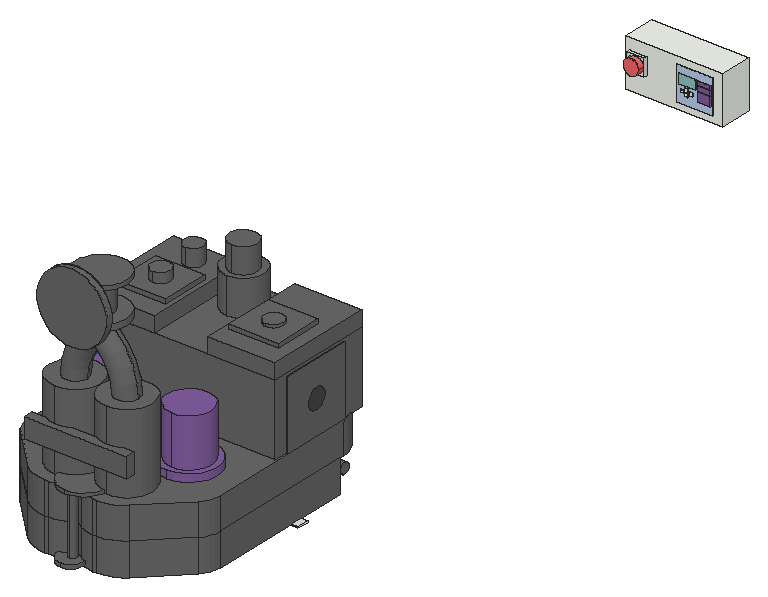
Revit family "11062", category Generic Models, Revit 2021
Family settings
  Can host rebar = No
  Round Connector Dimension = Use Diameter
  Part Type = Normal
  Work Plane-Based = No
  Always vertical = Yes
  Cut with Voids When Loaded = No
  Shared = Yes
  Room Calculation Point = No
Parameters (values of type "11062")
  SUPPLIER = "KESSEL"
  SA700ID49 = "Protection Class I"
  SA700ID48 = "no"
  SA700ID47 = "no"
  SA700ID46 = "yes"
  SA700ID37 = 20000 mm
  SA700ID34 = 55
  SA700ID33 = 4.2 W
  SA700ID32 = 188.86 kg
  SA700ID31 = 1
  SA700ID30 = 2
  SA700ID29 = "GLRD"
  SA700ID21 = 2000
  SA700ID10 = "yes"
  SA700ID08 = 400 V
  PROCUREWEBLINK = "https://p.caden.as/kessel/11062"
  PROCURELINK = "p.caden.as/kessel/11062"
  PROCUREDATALASTUPDATE = "2024-05-22T12:18:04.979045884+01:00"
  PREVIEW = "../../bilder/ksb_w_11062.png"
  PRC_SPECIFICATIONLINK = "https://ausschreiben.de/catalog/kessel/catalogItem/ba4ac736-d249-4e5a-b449-2fc1e26a9d5d"
  NN = "Lifting station Aqualift F XL"
  NBSYN = "$SA810ID03."
  NB = "11062"
  Model = "11062"
  Manufacturer = "KESSEL"
  MIdent = "{$CADENAS_DATA/23d-libs/kessel/kessel_vdi_import/4/entwaesserung/hebeanlage20aqualift20f20xl.prj},201 {STYP=ASS},{VTYP=3D},{NB=11062},{LINA=11062},{NN=Lifting station Aqualift F XL},{DATE=21.11.2022 10:48:11},{GEOMDATE=21.11.2022 10:48:11},{VERSION=},{LINEID=380},{WBVAR=LODLEVEL},{WBNUMERIC=LODLEVEL}  {NB=11062},{LINA=11062},{KT=DUMMY},{PREVIEW=../../bilder/ksb_w_11062.png},{SA700ID04=Hebeanlage Aqualift F XL 200 l, Duo, SPF 4500-S3, Gussschieber},{SA810ID06=04026092057292},{SA700ID34=55.00},{SA010ID03=201805},{SA810ID03=11062},{SA810ID10=Aqualift F XL 4500W-S3 Duo 200L m.S.G.KESSEL Aqualift F XL Hebeanlage für fäkalienhaltiges und fäkalienfreiesAbwasser. Zur Aufstellung in frostgeschützten Räumen.Duoanlage mit zwei Pumpen des Typs SPF 4500-S3 Sammelbehälter ausPolyethylen, mit verschraubter Reinigungsöffnung,Anschlussstutzen für Zulauf von oben DN100/150.Inklusive Tauchrohr zur pneumatischen Niveauerfassung,Entlüftungsanschluss DN 70 und Anschluss für eine Handmembranpumpe DN32.Behälter inklusive Haltewinkel zur Auftriebssicherung.Behältervolumen 200 Liter, max. Nutzvolumen bei Zulauf von oben ca. 120Liter.Zwei seitliche und zwei rückseitige Anbohrflächen zur Montage weitererZuläufe bis DN 200 unter Verwendung von Durchgangsdichtungen.Inklusive KESSEL Schaltgerät Aqualift Comfort 400 V.Anwenderfreundliche Menüführung im mehrzeiligem Display. MitSelbstdiagnosesystem (SDS) und Erinnerungsfunktion für nächste Wartung.Anzeige der aktuellen Messwerte. Einfache Einstellung derfunktionsrelevanten Parameter, inklusive Betriebsstundenzähler undpotentialfreiem Kontakt. Optionale Weiterleitung von Alarm- undSammelstörmeldung über GSM Schnittstelle.Schaltgerät mit Volltextanzeige in sechs Sprachen.Abwasserpumpe(n) mit Freistromrad zur Förderung von fäkalienfreiem undfäkalienhaltigem Abwasser gemäß DIN EN 12050-1. Freier Kugeldurchgangmindestens 40 mm. Pumpe(n) überflutungssicher. InklusiveRückflussverhinderer, mit Druckabgang aus Grauguss DN 80.nach DIN 2501.Inklusive einem Absperrschieber.Pumpe(n) Typ SPF 4500-S3Fördermenge: max. 56 m³/hFörderhöhe: max. 20 mNennleistung (P2): 3,7 KW je PumpeAufnahmeleistung (P1): 4,5 KW je PumpeBetriebsspannung: 400 V DSNennfrequenz: 50 HzNennstrom: 7,4 AAbsicherung: 3 x C 25 ASchutzart (Pumpe): IP68 3mWS/48hSchutzart (Schaltgerät): IP 65Bertiebsart: S3 (50 % Einschaltdauer)Kabellänge: 5 mAußenmaße Anlage mit 200 Liter Behälter (BxTxH): 760 x 980 x 770 mmGewicht ca. 188,86 kg},{SA700ID37=20.00},{SA700ID33=4.20},{SA700ID08=400},{SA700ID30=2},{SA700ID32=188.86},{SA700ID49=Schutzklasse I},{SA700ID50=intern},{SA200ID03=6},{SA250ID03=vertikal},{SA260ID03=Trockenläuferpumpe},{SA350ID03=normalansaugend},{SA400ID03=E-Motor für Drehstrom},{SA460ID03=direkt},{SA500ID03=Kunststoff, Edelstahl},{SA700ID06=80},{SA700ID07=100},{SA700ID09=3/N/PE 400V},{SA700ID10=Ja},{SA700ID11=50},{SA700ID12=IP 68},{SA700ID13=F},{SA700ID15=40},{SA700ID21=2000.00},{SA700ID22=3.50},{SA700ID23=2850},{SA700ID24=2850},{SA700ID26=7.50},{SA700ID27=56.00},{SA700ID28=durchgehend},{SA700ID29=GLRD},{SA700ID31=1},{SA700ID46=ja},{SA700ID47=nein},{SA700ID48=nein},{SA110ID04=Hebeanlage Aqualift F XL},{SA300ID03=einstufig},{SA700ID44=10.00},{SA700ID45=10.00},{SA010ID04=KESSEL AG},{LODLEVEL=200},{LINK=https://www.kessel.de/info?han=11062},{SA970ID01=970},{SA970ID02=7134},{SA970ID03=11062},{SA970ID04=11002617},{SA970ID05=QUAD},{SA970ID06=-410.01},{SA970ID07=-899.99},{SA970ID08=0},{SA970ID09=1},{SA970ID10=0},{SA970ID11=0},{SA970ID12=0},{SA970ID13=1},{SA970ID14=0},{SA970ID15=820.02},{SA970ID16=1030},{SA970ID17=1033.74},{LODLEVEL_=200,'Low'},{LODLEVEL_DEU=200,'Low'},{LINK_=https://www.kessel.de/info?han=11062},{LINK_DEU=https://www.kessel.de/info?han=11062},{LODLEVEL_3DB=11062_200},{DNIN1=100},{DNIN2=70},{DNIN4=10},{DNIN5=10},{DNIN6=50},{DNIN7=50},{DNIN8=50},{DNIN9=50},{DNOUT1=32},{DNOUT2=100},{DNOUT3=70},{ISD1=96},{ISD2=10},{ISDOUT1=40},{ISDOUT2=60},{ISDOUT3=65},{SA010ID01=010},{SA010ID02=4},{SA010ID06=www.kessel.de},{SA010ID07=www.kessel.de},{SA010ID12=20180713},{SA010ID13=DEU},{SA010ID14=DE},{SA100ID01=100},{SA100ID02=4},{SA100ID04=Entwässerung},{SA110ID01=110},{SA110ID02=6},{SA200ID01=200},{SA200ID02=6},{SA250ID01=250},{SA250ID02=2},{SA260ID01=260},{SA260ID02=2},{SA300ID01=300},{SA300ID02=1},{SA350ID01=350},{SA350ID02=1},{SA400ID01=400},{SA400ID02=2},{SA460ID01=460},{SA460ID02=1},{SA500ID01=500},{SA500ID02=1},{SA700ID01=700},{SA700ID02=60},{SA700ID10_=1},{SA700ID16=0},{SA700ID25=0},{SA700ID46_=1},{SA700ID47_=0},{SA700ID48_=0},{SA700ID49_=1},{SA700ID50_=2},{SA800ID01=800},{SA800ID02=24},{SA810ID01=810},{SA810ID02=60},{SA810ID04=11062},{SA810ID07=60},{SA810ID09=1},{SA810ID14=PCE},{SA810ID15=1},{SA810ID16=NMP},{SA960ID03=60},{SA960ID04=3L},{SA960ID08=https://www.kessel.de/info?han=11062},{SA010ID08=4026092000007},{SA100ID05=Hebeanlage},{SA110ID06=Hebeanlage}"
  LINK = "https://www.kessel.de/info?han=11062"
  LINA = "11062"
  Default Elevation = 0 mm
  CREATOR = "CADENAS GmbH"
  CATALOG = "KESSEL"
  BOMINFO = "LINA"
  ARTICLENO = "NB"
  4.810.00.9 Order quantity (multiplicator) = "1"
  4.810.00.7 Media- connection number = "60"
  4.810.00.6 GTIN number = "04026092057292"
  4.810.00.4 DATANORM number = "11062"
  4.810.00.3 Producer order number = "11062"
  4.710.03.7 Mass (net) = 188.86 kg
  4.710.03.6 Height = 1027 mm
  4.710.03.5 Width = 760 mm
  4.710.03.4 Length = 1109 mm
  4.710.03.3 Type of dimensions = "2"
  4.710.02.8 Area of application of wastewater pump = "1"
  4.710.02.7 Art des S2/S3-Betriebs = "50 %"
  4.710.02.6 Duty type = "S3"
  4.710.02.5 Cutting device = "0"
  4.710.02.4 Attached pump control = "1"
  4.710.02.3 Free passage = 40 mm
  4.710.01.6 Option to connect to building automation = "40"
  4.710.01.5 Load regulation = "0"
  4.710.01.4 Designation of closed-loop control = "120"
  4.710.01.3 Identifier for closed-loop control = "200"
  4.700.00.9 Voltage = 0
  4.700.00.8 Nominal connection size on suction side = "100"
  4.700.00.7 Nominal connection size on pressure side = "100"
  4.700.00.6 Type of connection = "80"
  4.700.00.4 Product indentification = "Hebeanlage Aqualift F XL 200 l, Duo, SPF 4500-S3, Gussschieber"
  4.700.00.28 Motor pump shaft = "durchgehend"
  4.700.00.27 Starting current = 56
  4.700.00.26 Maximum power consumption per pump / drive = 7.5
  4.700.00.25 Minimum speed at internal speed adjustment = 0
  4.700.00.24 Nominal speed / maximum speed n = 47.5
  4.700.00.23 Nominal speed of motor = 47.5
  4.700.00.22 Maximum shaft output (P2) per pump/drive = 3.5 W
  4.700.00.16 Maximum temperature of pumped medium = 0 °C
  4.700.00.15 Increased safety class = "40 °C"
  4.700.00.13 Type of protection = "F"
  4.700.00.12 Frequency = 0
  4.700.00.11 Stern-/Dreieck-Anlaufschaltung bei Dreiphasenanschluss oder Drehstrom = "50 Hz"
  4.700.00.10 Phase = "1"
  4.500.00.3 Variant / Variant type / Accessories-name = "Kunststoff, Edelstahl"
  4.460.00.3 Variant / Variant type / Accessories-name = "direkt"
  4.400.00.3 Variant / Variant type / Accessories-name = "E-Motor für Drehstrom"
  4.350.00.3 Variant / Variant type / Accessories-name = "normalansaugend"
  4.300.00.3 Variant / Variant type / Accessories-name = "einstufig"
  4.260.00.3 Variant / Variant type / Accessories-name = "Trockenläuferpumpe"
  4.250.00.3 Variant / Variant type / Accessories-name = "vertikal"
  4.200.00.3 Variant / Variant type / Accessories-name = "6"
  4.110.00.6 Product classification = "Hebeanlage"
  4.110.00.4 Product indentification = "Hebeanlage Aqualift F XL"
  4.100.00.5 Main groups of wares = "Hebeanlage"
  4.100.00.4 Product indentification = "Entwässerung"
  4.010.00.8 Producer ID number = "4026092000007"
  4.010.00.7 Comment = "www.kessel.de"
  4.010.00.6 Web address of the manufacturer = "www.kessel.de"
  4.010.00.4 Manufacturer name = "KESSEL AG"
  4.010.00.3 Date of issuance (month) of guideline = "201805"
  4.010.00.2 Sheet number of the guideline = "4"
  4.010.00.14 Kennungen der Projektländer, für die die Datei gültig ist = "DE"
  4.010.00.13 Sprache der Datei = "DEU"
  4.010.00.12 Stand des Herstellerkatalogs = "20180713"
Reference planes
  plane 1 "Center (Front/Back)": y = 0
  plane 2: z = 0
  plane 3 "Center (Left/Right)": x = 0
Forms (mm)
  Extrusion 1, void
    sketch origin (380.5, -115, 392) x (0, -1, 0) y (0, 0, 1)
      loop
        line (-0.5, -0.5) -> (0.5, -0.5) -> (0.5, 0.5) -> (-0.5, 0.5) -> (-0.5, -0.5)
    from 0 to 1
  Extrusion 2, void
    sketch origin (160.15, 130.5, 392) x (1, 0, 0) y (0, 0, 1)
      loop
        line (-0.5, -0.5) -> (0.5, -0.5) -> (0.5, 0.5) -> (-0.5, 0.5) -> (-0.5, -0.5)
    from 0 to 1
  Extrusion 3, void
    sketch origin (-161, 130.5, 392) x (1, 0, 0) y (0, 0, 1)
      loop
        line (-0.5, -0.5) -> (0.5, -0.5) -> (0.5, 0.5) -> (-0.5, 0.5) -> (-0.5, -0.5)
    from 0 to 1
  Extrusion 4, void
    sketch origin (-380.5, -115, 392) x (0, 1, 0) y (0, 0, 1)
      loop
        line (-0.5, -0.5) -> (0.5, -0.5) -> (0.5, 0.5) -> (-0.5, 0.5) -> (-0.5, -0.5)
    from 0 to 1
Dimensions and locks
  locked: plane 2 to Extrusion 1 at 392.5
  locked: plane 2 to Extrusion 1 at 391.5
  locked: plane 2 to Extrusion 2 at 392.5
  locked: plane 2 to Extrusion 2 at 391.5
  locked: plane 2 to Extrusion 3 at 392.5
  locked: plane 2 to Extrusion 3 at 391.5
  locked: plane 2 to Extrusion 4 at 392.5
  locked: plane 2 to Extrusion 4 at 391.5
  aligned and locked: level to plane 2
Nested families
  nested 1: "11062_content" at (0, 0, 0), type "11062_Content"
  nested 2: "11062_part1_X0Y0" at (1000, 1000, 1200), type "11062_PART1_X0Y0"
  nested 3: "11062_part2_X0Y0" at (0, 0, 0), type "11062_PART2_X0Y0"
Connectors
  electrical at (861, 933, 1201.5)
    settings: on nested 2, index 1, voltage 0 V, apparent load 0 VA, apparent load phase1 0 VA, apparent load phase2 0 VA, apparent load phase3 0 VA, power factor 1, load classification "Other", number of poles 1, system type 31, power factor state 1, is connector primary yes, connector utility no, sub classification motor no, connector description ""
  piping at (0, 0, 771), diameter 100
    settings: on nested 3, index 2, connector inside diameter 609.6 mm, connector length 0 mm, flow factor 0, pipe flow 0.0 L/s, pressure drop 0.0 Pa, fitting loss kfactor 0, connector angle 0.00°, fixture units 0, engagement length 0 mm, angle of deflection 0.00°, flow configuration 0, flow direction 1, fitting loss method 2, system type 8, joint type 0, gender type 0, connector reference index -1, connector utility 0, adjustable connector no, is connector primary yes, connector description ""
  piping at (380.5, -115, 392), diameter 70
    settings: on Extrusion 1, index 3, connector inside diameter 609.6 mm, connector length 0 mm, flow factor 0, pipe flow 0.0 L/s, pressure drop 0.0 Pa, fitting loss kfactor 0, connector angle 0.00°, fixture units 0, engagement length 0 mm, angle of deflection 0.00°, flow configuration 0, flow direction 0, fitting loss method 2, system type 8, joint type 0, gender type 0, connector reference index -1, connector utility 0, adjustable connector no, is connector primary no, connector description ""
  piping at (160.15, 130.5, 392), diameter 70
    settings: on Extrusion 2, index 4, connector inside diameter 609.6 mm, connector length 0 mm, flow factor 0, pipe flow 0.0 L/s, pressure drop 0.0 Pa, fitting loss kfactor 0, connector angle 0.00°, fixture units 0, engagement length 0 mm, angle of deflection 0.00°, flow configuration 0, flow direction 0, fitting loss method 2, system type 8, joint type 0, gender type 0, connector reference index -1, connector utility 0, adjustable connector no, is connector primary no, connector description ""
  piping at (-161, 130.5, 392), diameter 70
    settings: on Extrusion 3, index 5, connector inside diameter 609.6 mm, connector length 0 mm, flow factor 0, pipe flow 0.0 L/s, pressure drop 0.0 Pa, fitting loss kfactor 0, connector angle 0.00°, fixture units 0, engagement length 0 mm, angle of deflection 0.00°, flow configuration 0, flow direction 0, fitting loss method 2, system type 8, joint type 0, gender type 0, connector reference index -1, connector utility 0, adjustable connector no, is connector primary no, connector description ""
  piping at (-380.5, -115, 392), diameter 70
    settings: on Extrusion 4, index 6, connector inside diameter 609.6 mm, connector length 0 mm, flow factor 0, pipe flow 0.0 L/s, pressure drop 0.0 Pa, fitting loss kfactor 0, connector angle 0.00°, fixture units 0, engagement length 0 mm, angle of deflection 0.00°, flow configuration 0, flow direction 0, fitting loss method 2, system type 8, joint type 0, gender type 0, connector reference index -1, connector utility 0, adjustable connector no, is connector primary no, connector description ""
  piping at (0, -700, 966), diameter 100
    settings: on nested 3, index 7, connector inside diameter 609.6 mm, connector length 0 mm, flow factor 0, pipe flow 0.0 L/s, pressure drop 0.0 Pa, fitting loss kfactor 0, connector angle 0.00°, fixture units 0, engagement length 0 mm, angle of deflection 0.00°, flow configuration 0, flow direction 2, fitting loss method 2, system type 7, joint type 0, gender type 0, connector reference index -1, connector utility 0, adjustable connector no, is connector primary no, connector description ""
  piping at (-225, 36, 661), diameter 70
    settings: on nested 3, index 8, connector inside diameter 609.6 mm, connector length 0 mm, flow factor 0, pipe flow 0.0 L/s, pressure drop 0.0 Pa, fitting loss kfactor 0, connector angle 0.00°, fixture units 0, engagement length 0 mm, angle of deflection 0.00°, flow configuration 0, flow direction 2, fitting loss method 2, system type 7, joint type 0, gender type 0, connector reference index -1, connector utility 0, adjustable connector no, is connector primary no, connector description ""
  piping at (354.5, 56, 60), diameter 32
    settings: on nested 3, index 9, connector inside diameter 609.6 mm, connector length 0 mm, flow factor 0, pipe flow 0.0 L/s, pressure drop 0.0 Pa, fitting loss kfactor 0, connector angle 0.00°, fixture units 0, engagement length 0 mm, angle of deflection 0.00°, flow configuration 0, flow direction 2, fitting loss method 2, system type 7, joint type 0, gender type 0, connector reference index -1, connector utility 0, adjustable connector no, is connector primary no, connector description ""
  electrical at (185, -497, 477)
    settings: on nested 3, index 10, voltage 0 V, apparent load 0 VA, apparent load phase1 0 VA, apparent load phase2 0 VA, apparent load phase3 0 VA, power factor 1, load classification "Other", number of poles 1, system type 31, power factor state 1, is connector primary no, connector utility no, sub classification motor no, connector description ""
  electrical at (-185, -496.75, 477)
    settings: on nested 3, index 11, voltage 0 V, apparent load 0 VA, apparent load phase1 0 VA, apparent load phase2 0 VA, apparent load phase3 0 VA, power factor 1, load classification "Other", number of poles 1, system type 31, power factor state 1, is connector primary no, connector utility no, sub classification motor no, connector description ""
  electrical at (-222.5, -129, 650)
    settings: on nested 3, index 12, voltage 0 V, apparent load 0 VA, apparent load phase1 0 VA, apparent load phase2 0 VA, apparent load phase3 0 VA, power factor 1, load classification "Other", number of poles 1, system type 31, power factor state 1, is connector primary no, connector utility no, sub classification motor no, connector description ""
Definition of nested family "11062_part1_X0Y0"
  Parameters (values of type "11062_PART1_X0Y0")
    SUPPLIER = "KESSEL"
    SA700ID49 = "Protection Class I"
    SA700ID48 = "no"
    SA700ID47 = "no"
    SA700ID46 = "yes"
    SA700ID37 = 20000 mm
    SA700ID34 = 55
    SA700ID33 = 4.2 W
    SA700ID32 = 188.86 kg
    SA700ID31 = 1
    SA700ID30 = 2
    SA700ID29 = "GLRD"
    SA700ID21 = 2000
    SA700ID10 = "yes"
    SA700ID08 = 400 V
    PREVIEW = "../../bilder/ksb_w_11062.png"
    NBSYN = "$SA810ID03._PART1"
    NB = "11062_PART1"
    Model = "11062_PART1"
    Manufacturer = "KESSEL"
    MIdent = "{$CADENAS_DATA/23d-libs/kessel/kessel_vdi_import/4/entwaesserung/hebeanlage20aqualift20f20xl.prj},221 {VTYP=3D},{NB=11062_PART1},{LINA=11062_PART1},{NN=Lifting station Aqualift F XL_PART1},{NOPRJ=TRUE},{DATE=21.11.2022 10:48:11},{GEOMDATE=21.11.2022 10:48:11},{VERSION=},{LINEID=380},{WBVAR=LODLEVEL},{WBNUMERIC=LODLEVEL}  {NB=11062_PART1},{LINA=11062_PART1},{KT=DUMMY},{PREVIEW=../../bilder/ksb_w_11062.png},{SA700ID04=Hebeanlage Aqualift F XL 200 l, Duo, SPF 4500-S3, Gussschieber},{SA810ID06=04026092057292},{SA700ID34=55.00},{SA010ID03=201805},{SA810ID03=11062},{SA810ID10=Aqualift F XL 4500W-S3 Duo 200L m.S.G.KESSEL Aqualift F XL Hebeanlage für fäkalienhaltiges und fäkalienfreiesAbwasser. Zur Aufstellung in frostgeschützten Räumen.Duoanlage mit zwei Pumpen des Typs SPF 4500-S3 Sammelbehälter ausPolyethylen, mit verschraubter Reinigungsöffnung,Anschlussstutzen für Zulauf von oben DN100/150.Inklusive Tauchrohr zur pneumatischen Niveauerfassung,Entlüftungsanschluss DN 70 und Anschluss für eine Handmembranpumpe DN32.Behälter inklusive Haltewinkel zur Auftriebssicherung.Behältervolumen 200 Liter, max. Nutzvolumen bei Zulauf von oben ca. 120Liter.Zwei seitliche und zwei rückseitige Anbohrflächen zur Montage weitererZuläufe bis DN 200 unter Verwendung von Durchgangsdichtungen.Inklusive KESSEL Schaltgerät Aqualift Comfort 400 V.Anwenderfreundliche Menüführung im mehrzeiligem Display. MitSelbstdiagnosesystem (SDS) und Erinnerungsfunktion für nächste Wartung.Anzeige der aktuellen Messwerte. Einfache Einstellung derfunktionsrelevanten Parameter, inklusive Betriebsstundenzähler undpotentialfreiem Kontakt. Optionale Weiterleitung von Alarm- undSammelstörmeldung über GSM Schnittstelle.Schaltgerät mit Volltextanzeige in sechs Sprachen.Abwasserpumpe(n) mit Freistromrad zur Förderung von fäkalienfreiem undfäkalienhaltigem Abwasser gemäß DIN EN 12050-1. Freier Kugeldurchgangmindestens 40 mm. Pumpe(n) überflutungssicher. InklusiveRückflussverhinderer, mit Druckabgang aus Grauguss DN 80.nach DIN 2501.Inklusive einem Absperrschieber.Pumpe(n) Typ SPF 4500-S3Fördermenge: max. 56 m³/hFörderhöhe: max. 20 mNennleistung (P2): 3,7 KW je PumpeAufnahmeleistung (P1): 4,5 KW je PumpeBetriebsspannung: 400 V DSNennfrequenz: 50 HzNennstrom: 7,4 AAbsicherung: 3 x C 25 ASchutzart (Pumpe): IP68 3mWS/48hSchutzart (Schaltgerät): IP 65Bertiebsart: S3 (50 % Einschaltdauer)Kabellänge: 5 mAußenmaße Anlage mit 200 Liter Behälter (BxTxH): 760 x 980 x 770 mmGewicht ca. 188,86 kg},{SA700ID37=20.00},{SA700ID33=4.20},{SA700ID08=400},{SA700ID30=2},{SA700ID32=188.86},{SA700ID49=Schutzklasse I},{SA700ID50=intern},{SA200ID03=6},{SA250ID03=vertikal},{SA260ID03=Trockenläuferpumpe},{SA350ID03=normalansaugend},{SA400ID03=E-Motor für Drehstrom},{SA460ID03=direkt},{SA500ID03=Kunststoff, Edelstahl},{SA700ID06=80},{SA700ID07=100},{SA700ID09=3/N/PE 400V},{SA700ID10=Ja},{SA700ID11=50},{SA700ID12=IP 68},{SA700ID13=F},{SA700ID15=40},{SA700ID21=2000.00},{SA700ID22=3.50},{SA700ID23=2850},{SA700ID24=2850},{SA700ID26=7.50},{SA700ID27=56.00},{SA700ID28=durchgehend},{SA700ID29=GLRD},{SA700ID31=1},{SA700ID46=ja},{SA700ID47=nein},{SA700ID48=nein},{SA110ID04=Hebeanlage Aqualift F XL},{SA300ID03=einstufig},{SA700ID44=10.00},{SA700ID45=10.00},{SA010ID04=KESSEL AG},{LODLEVEL=200},{LINK=https://www.kessel.de/info?han=11062},{SA970ID01=970},{SA970ID02=7134},{SA970ID03=11062},{SA970ID04=11002617},{SA970ID05=QUAD},{SA970ID06=-410.01},{SA970ID07=-899.99},{SA970ID08=0},{SA970ID09=1},{SA970ID10=0},{SA970ID11=0},{SA970ID12=0},{SA970ID13=1},{SA970ID14=0},{SA970ID15=820.02},{SA970ID16=1030},{SA970ID17=1033.74},{LODLEVEL_=200,'Low'},{LODLEVEL_DEU=200,'Low'},{LINK_=https://www.kessel.de/info?han=11062},{LINK_DEU=https://www.kessel.de/info?han=11062},{LODLEVEL_3DB=11062_200},{DNIN1=100},{DNIN2=70},{DNIN4=10},{DNIN5=10},{DNIN6=50},{DNIN7=50},{DNIN8=50},{DNIN9=50},{DNOUT1=32},{DNOUT2=100},{DNOUT3=70},{ISD1=96},{ISD2=10},{ISDOUT1=40},{ISDOUT2=60},{ISDOUT3=65},{SA010ID01=010},{SA010ID02=4},{SA010ID06=www.kessel.de},{SA010ID07=www.kessel.de},{SA010ID12=20180713},{SA010ID13=DEU},{SA010ID14=DE},{SA100ID01=100},{SA100ID02=4},{SA100ID04=Entwässerung},{SA110ID01=110},{SA110ID02=6},{SA200ID01=200},{SA200ID02=6},{SA250ID01=250},{SA250ID02=2},{SA260ID01=260},{SA260ID02=2},{SA300ID01=300},{SA300ID02=1},{SA350ID01=350},{SA350ID02=1},{SA400ID01=400},{SA400ID02=2},{SA460ID01=460},{SA460ID02=1},{SA500ID01=500},{SA500ID02=1},{SA700ID01=700},{SA700ID02=60},{SA700ID10_=1},{SA700ID16=0},{SA700ID25=0},{SA700ID46_=1},{SA700ID47_=0},{SA700ID48_=0},{SA700ID49_=1},{SA700ID50_=2},{SA800ID01=800},{SA800ID02=24},{SA810ID01=810},{SA810ID02=60},{SA810ID04=11062},{SA810ID07=60},{SA810ID09=1},{SA810ID14=PCE},{SA810ID15=1},{SA810ID16=NMP},{SA960ID03=60},{SA960ID04=3L},{SA960ID08=https://www.kessel.de/info?han=11062},{SA010ID08=4026092000007},{SA100ID05=Hebeanlage},{SA110ID06=Hebeanlage}"
    LINK = "https://www.kessel.de/info?han=11062"
    LINA = "11062_PART1"
    Default Elevation = 1219.2 mm
    CREATOR = "CADENAS GmbH"
    CATALOG = "KESSEL"
    BOMINFO = "LINA"
    ARTICLENO = "NB"
    4.810.00.9 Order quantity (multiplicator) = "1"
    4.810.00.7 Media- connection number = "60"
    4.810.00.6 GTIN number = "04026092057292"
    4.810.00.4 DATANORM number = "11062"
    4.810.00.3 Producer order number = "11062"
    4.710.03.7 Mass (net) = 188.86 kg
    4.710.03.6 Height = 1027 mm
    4.710.03.5 Width = 760 mm
    4.710.03.4 Length = 1109 mm
    4.710.03.3 Type of dimensions = "2"
    4.710.02.8 Area of application of wastewater pump = "1"
    4.710.02.7 Art des S2/S3-Betriebs = "50 %"
    4.710.02.6 Duty type = "S3"
    4.710.02.5 Cutting device = "0"
    4.710.02.4 Attached pump control = "1"
    4.710.02.3 Free passage = 40 mm
    4.710.01.6 Option to connect to building automation = "40"
    4.710.01.5 Load regulation = "0"
    4.710.01.4 Designation of closed-loop control = "120"
    4.710.01.3 Identifier for closed-loop control = "200"
    4.700.00.9 Voltage = 0
    4.700.00.8 Nominal connection size on suction side = "100"
    4.700.00.7 Nominal connection size on pressure side = "100"
    4.700.00.6 Type of connection = "80"
    4.700.00.4 Product indentification = "Hebeanlage Aqualift F XL 200 l, Duo, SPF 4500-S3, Gussschieber"
    4.700.00.28 Motor pump shaft = "durchgehend"
    4.700.00.27 Starting current = 56
    4.700.00.26 Maximum power consumption per pump / drive = 7.5
    4.700.00.25 Minimum speed at internal speed adjustment = 0
    4.700.00.24 Nominal speed / maximum speed n = 47.5
    4.700.00.23 Nominal speed of motor = 47.5
    4.700.00.22 Maximum shaft output (P2) per pump/drive = 3.5 W
    4.700.00.16 Maximum temperature of pumped medium = 0 °C
    4.700.00.15 Increased safety class = "40 °C"
    4.700.00.13 Type of protection = "F"
    4.700.00.12 Frequency = 0
    4.700.00.11 Stern-/Dreieck-Anlaufschaltung bei Dreiphasenanschluss oder Drehstrom = "50 Hz"
    4.700.00.10 Phase = "1"
    4.500.00.3 Variant / Variant type / Accessories-name = "Kunststoff, Edelstahl"
    4.460.00.3 Variant / Variant type / Accessories-name = "direkt"
    4.400.00.3 Variant / Variant type / Accessories-name = "E-Motor für Drehstrom"
    4.350.00.3 Variant / Variant type / Accessories-name = "normalansaugend"
    4.300.00.3 Variant / Variant type / Accessories-name = "einstufig"
    4.260.00.3 Variant / Variant type / Accessories-name = "Trockenläuferpumpe"
    4.250.00.3 Variant / Variant type / Accessories-name = "vertikal"
    4.200.00.3 Variant / Variant type / Accessories-name = "6"
    4.110.00.6 Product classification = "Hebeanlage"
    4.110.00.4 Product indentification = "Hebeanlage Aqualift F XL"
    4.100.00.5 Main groups of wares = "Hebeanlage"
    4.100.00.4 Product indentification = "Entwässerung"
    4.010.00.8 Producer ID number = "4026092000007"
    4.010.00.7 Comment = "www.kessel.de"
    4.010.00.6 Web address of the manufacturer = "www.kessel.de"
    4.010.00.4 Manufacturer name = "KESSEL AG"
    4.010.00.3 Date of issuance (month) of guideline = "201805"
    4.010.00.2 Sheet number of the guideline = "4"
    4.010.00.14 Kennungen der Projektländer, für die die Datei gültig ist = "DE"
    4.010.00.13 Sprache der Datei = "DEU"
    4.010.00.12 Stand des Herstellerkatalogs = "20180713"
  Reference planes
    plane 1 "Center (Front/Back)": y = 0
    plane 2: z = 0
    plane 3 "Center (Left/Right)": x = 0
  Dimensions and locks
    aligned and locked: level to plane 2
  Nested families
    nested 1: "11062_part1_content" at (0, 0, 0), type "11062_PART1_Content"
  Definition of nested family "11062_part1_content"
    Parameters (values of type "11062_PART1_Content")
      SUPPLIER = "KESSEL"
      SA700ID49 = "Protection Class I"
      SA700ID48 = "no"
      SA700ID47 = "no"
      SA700ID46 = "yes"
      SA700ID37 = 20000 mm
      SA700ID34 = 55
      SA700ID33 = 4.2 W
      SA700ID32 = 188.86 kg
      SA700ID31 = 1
      SA700ID30 = 2
      SA700ID29 = "GLRD"
      SA700ID21 = 2000
      SA700ID10 = "yes"
      SA700ID08 = 400 V
      PREVIEW = "../../bilder/ksb_w_11062.png"
      NBSYN = "$SA810ID03._PART1"
      NB = "11062_PART1"
      Model = "11062_PART1"
      Manufacturer = "KESSEL"
      LINK = "https://www.kessel.de/info?han=11062"
      LINA = "11062_PART1"
      Default Elevation = 1219.2 mm
      CREATOR = "CADENAS GmbH"
      CATALOG = "KESSEL"
      BOMINFO = "LINA"
      ARTICLENO = "NB"
      4.810.00.9 Order quantity (multiplicator) = "1"
      4.810.00.7 Media- connection number = "60"
      4.810.00.6 GTIN number = "04026092057292"
      4.810.00.4 DATANORM number = "11062"
      4.810.00.3 Producer order number = "11062"
      4.710.03.7 Mass (net) = 188.86 kg
      4.710.03.6 Height = 1027 mm
      4.710.03.5 Width = 760 mm
      4.710.03.4 Length = 1109 mm
      4.710.03.3 Type of dimensions = "2"
      4.710.02.8 Area of application of wastewater pump = "1"
      4.710.02.7 Art des S2/S3-Betriebs = "50 %"
      4.710.02.6 Duty type = "S3"
      4.710.02.5 Cutting device = "0"
      4.710.02.4 Attached pump control = "1"
      4.710.02.3 Free passage = 40 mm
      4.710.01.6 Option to connect to building automation = "40"
      4.710.01.5 Load regulation = "0"
      4.710.01.4 Designation of closed-loop control = "120"
      4.710.01.3 Identifier for closed-loop control = "200"
      4.700.00.9 Voltage = 0
      4.700.00.8 Nominal connection size on suction side = "100"
      4.700.00.7 Nominal connection size on pressure side = "100"
      4.700.00.6 Type of connection = "80"
      4.700.00.4 Product indentification = "Hebeanlage Aqualift F XL 200 l, Duo, SPF 4500-S3, Gussschieber"
      4.700.00.28 Motor pump shaft = "durchgehend"
      4.700.00.27 Starting current = 56
      4.700.00.26 Maximum power consumption per pump / drive = 7.5
      4.700.00.25 Minimum speed at internal speed adjustment = 0
      4.700.00.24 Nominal speed / maximum speed n = 47.5
      4.700.00.23 Nominal speed of motor = 47.5
      4.700.00.22 Maximum shaft output (P2) per pump/drive = 3.5 W
      4.700.00.16 Maximum temperature of pumped medium = 0 °C
      4.700.00.15 Increased safety class = "40 °C"
      4.700.00.13 Type of protection = "F"
      4.700.00.12 Frequency = 0
      4.700.00.11 Stern-/Dreieck-Anlaufschaltung bei Dreiphasenanschluss oder Drehstrom = "50 Hz"
      4.700.00.10 Phase = "1"
      4.500.00.3 Variant / Variant type / Accessories-name = "Kunststoff, Edelstahl"
      4.460.00.3 Variant / Variant type / Accessories-name = "direkt"
      4.400.00.3 Variant / Variant type / Accessories-name = "E-Motor für Drehstrom"
      4.350.00.3 Variant / Variant type / Accessories-name = "normalansaugend"
      4.300.00.3 Variant / Variant type / Accessories-name = "einstufig"
      4.260.00.3 Variant / Variant type / Accessories-name = "Trockenläuferpumpe"
      4.250.00.3 Variant / Variant type / Accessories-name = "vertikal"
      4.200.00.3 Variant / Variant type / Accessories-name = "6"
      4.110.00.6 Product classification = "Hebeanlage"
      4.110.00.4 Product indentification = "Hebeanlage Aqualift F XL"
      4.100.00.5 Main groups of wares = "Hebeanlage"
      4.100.00.4 Product indentification = "Entwässerung"
      4.010.00.8 Producer ID number = "4026092000007"
      4.010.00.7 Comment = "www.kessel.de"
      4.010.00.6 Web address of the manufacturer = "www.kessel.de"
      4.010.00.4 Manufacturer name = "KESSEL AG"
      4.010.00.3 Date of issuance (month) of guideline = "201805"
      4.010.00.2 Sheet number of the guideline = "4"
      4.010.00.14 Kennungen der Projektländer, für die die Datei gültig ist = "DE"
      4.010.00.13 Sprache der Datei = "DEU"
      4.010.00.12 Stand des Herstellerkatalogs = "20180713"
    Reference planes
      plane 1 "Center (Front/Back)": y = 0
      plane 2: z = 0
      plane 3 "Center (Left/Right)": x = 0
    Forms (mm)
      Extrusion 1, solid, detail levels medium+fine
        sketch origin (189.25, -1.75, 0.2) x (0, -1, 0) y (0, 0, 1)
          loop
            line (0, 187.8) -> (0, 0) -> (127.75, 0) -> (127.75, 187.8) -> (0, 187.8)
        from 0 to 378.5
      Extrusion 2, solid, detail levels medium+fine
        sketch origin (-4, -67, 0) x (0, 1, 0) y (-1, 0, 0)
          loop
            circle (0, 0) r 12.5
        from 0 to 1.5
      Extrusion 3, solid, detail levels medium+fine
        sketch origin (150.8, -129.5, 26.5) x (0, -1, 0) y (0, 0, 1)
          loop
            line (-1.2, 134.8) -> (-1.2, 0) -> (0.25, 0) -> (0.25, 134.8) -> (-1.2, 134.8)
        from 0 to 139.9
      Extrusion 4, solid, detail levels medium+fine
        sketch origin (72.55, -129.75, 66) x (0, -1, 0) y (0, 0, 1)
          loop
            line (-1, 12) -> (-1, 0) -> (0.5, 0) -> (0.5, 12) -> (-1, 12)
        from 0 to 12
      Extrusion 5, solid, detail levels medium+fine
        sketch origin (84.45, -129.75, 93.4) x (0, -1, 0) y (0, 0, 1)
          loop
            line (-1, 37) -> (-1, 0) -> (0.5, 0) -> (0.5, 37) -> (-1, 37)
        from 0 to 66
      Extrusion 6, solid, detail levels medium+fine
        sketch origin (55.3, -129.75, 74) x (0, -1, 0) y (0, 0, 1)
          loop
            line (-1, 12) -> (-1, 0) -> (0.5, 0) -> (0.5, 12) -> (-1, 12)
        from 0 to 12
      Extrusion 7, solid, detail levels medium+fine
        sketch origin (143.3, -129.75, 94.4) x (0, -1, 0) y (0, 0, 1)
          loop
            line (0, 16) -> (0, 0) -> (1.75, 0) -> (1.75, 16) -> (0, 16)
        from 0 to 51
      Extrusion 8, solid, detail levels medium+fine
        sketch origin (143.3, -129.75, 54.4) x (0, -1, 0) y (0, 0, 1)
          loop
            line (0, 36) -> (0, 0) -> (1.75, 0) -> (1.75, 36) -> (0, 36)
        from 0 to 51
      Extrusion 9, solid, detail levels medium+fine
        sketch origin (55.3, -129.75, 57.5) x (0, -1, 0) y (0, 0, 1)
          loop
            line (-1, 12) -> (-1, 0) -> (0.5, 0) -> (0.5, 12) -> (-1, 12)
        from 0 to 12
      Extrusion 10, solid, detail levels medium+fine
        sketch origin (143.3, -129.75, 114.4) x (0, -1, 0) y (0, 0, 1)
          loop
            line (0, 16) -> (0, 0) -> (1.75, 0) -> (1.75, 16) -> (0, 16)
        from 0 to 51
      Extrusion 11, solid, detail levels medium+fine
        sketch origin (38.05, -129.75, 66) x (0, -1, 0) y (0, 0, 1)
          loop
            line (-1, 12) -> (-1, 0) -> (0.5, 0) -> (0.5, 12) -> (-1, 12)
        from 0 to 12
      Extrusion 12, solid, detail levels medium+fine
        sketch origin (47, -72, 0) x (0, 1, 0) y (-1, 0, 0)
          loop
            circle (0, 0) r 8
        from 0 to 1.5
      Extrusion 13, solid, detail levels medium+fine
        sketch origin (47, -42, 0) x (0, 1, 0) y (-1, 0, 0)
          loop
            circle (0, 0) r 5.25
        from 0 to 1.5
      Extrusion 14, solid, detail levels medium+fine
        sketch origin (77, -72, 0) x (0, 1, 0) y (-1, 0, 0)
          loop
            circle (0, 0) r 8
        from 0 to 1.5
      Extrusion 15, solid, detail levels medium+fine
        sketch origin (-94, -67, 0) x (0, 1, 0) y (-1, 0, 0)
          loop
            circle (0, 0) r 12.5
        from 0 to 1.5
      Extrusion 16, solid, detail levels medium+fine
        sketch origin (92, -42, 0) x (0, 1, 0) y (-1, 0, 0)
          loop
            circle (0, 0) r 8
        from 0 to 1.5
      Extrusion 17, solid, detail levels medium+fine
        sketch origin (107, -72, 0) x (0, 1, 0) y (-1, 0, 0)
          loop
            circle (0, 0) r 8
        from 0 to 1.5
      Extrusion 18, solid, detail levels medium+fine
        sketch origin (122, -42, 0) x (0, 1, 0) y (-1, 0, 0)
          loop
            circle (0, 0) r 8
        from 0 to 1.5
      Extrusion 19, solid, detail levels medium+fine
        sketch origin (-107.7, -129.5, 76.9) x (0, -1, 0) y (0, 0, 1)
          loop
            line (0, 67) -> (0, 0) -> (14, 0) -> (14, 67) -> (0, 67)
        from 0 to 67
      Extrusion 20, solid, detail levels medium+fine
        sketch origin (-141.2, -143.5, 110.4) x (1, 0, 0) y (0, 0, 1)
          loop
            circle (0, 0) r 30
        from 0 to 22
      Extrusion 21, solid, detail levels medium+fine
        sketch origin (127, -15, 0) x (0, 1, 0) y (-1, 0, 0)
          loop
            circle (0, 0) r 6
        from 0 to 1.5
      Extrusion 22, solid, detail levels medium+fine
        sketch origin (137, -72, 0) x (0, 1, 0) y (-1, 0, 0)
          loop
            circle (0, 0) r 8
        from 0 to 1.5
      Extrusion 23, solid, detail levels medium+fine
        sketch origin (-139, -67, 0) x (0, 1, 0) y (-1, 0, 0)
          loop
            circle (0, 0) r 12.5
        from 0 to 1.5
      Extrusion 24, solid, detail levels medium+fine
        sketch origin (152, -42, 0) x (0, 1, 0) y (-1, 0, 0)
          loop
            circle (0, 0) r 8
        from 0 to 1.5
      Extrusion 25, solid, detail levels coarse
        sketch origin (0, -83.625, 0) x (1, 0, 0) y (0, 1, 0)
          loop
            line (-189.25, -81.875) -> (189.25, -81.875) -> (189.25, 81.875) -> (-189.25, 81.875) -> (-189.25, -81.875)
        from 0 to 188
    Dimensions and locks
      aligned and locked: level to plane 2
Definition of nested family "11062_part2_X0Y0"
  Parameters (values of type "11062_PART2_X0Y0")
    SUPPLIER = "KESSEL"
    SA700ID49 = "Protection Class I"
    SA700ID48 = "no"
    SA700ID47 = "no"
    SA700ID46 = "yes"
    SA700ID37 = 20000 mm
    SA700ID34 = 55
    SA700ID33 = 4.2 W
    SA700ID32 = 188.86 kg
    SA700ID31 = 1
    SA700ID30 = 2
    SA700ID29 = "GLRD"
    SA700ID21 = 2000
    SA700ID10 = "yes"
    SA700ID08 = 400 V
    PREVIEW = "../../bilder/ksb_w_11062.png"
    NBSYN = "$SA810ID03._PART2"
    NB = "11062_PART2"
    Model = "11062_PART2"
    Manufacturer = "KESSEL"
    MIdent = "{$CADENAS_DATA/23d-libs/kessel/kessel_vdi_import/4/entwaesserung/hebeanlage20aqualift20f20xl.prj},221 {VTYP=3D},{NB=11062_PART2},{LINA=11062_PART2},{NN=Lifting station Aqualift F XL_PART2},{NOPRJ=TRUE},{DATE=21.11.2022 10:48:11},{GEOMDATE=21.11.2022 10:48:11},{VERSION=},{LINEID=380},{WBVAR=LODLEVEL},{WBNUMERIC=LODLEVEL}  {NB=11062_PART2},{LINA=11062_PART2},{KT=DUMMY},{PREVIEW=../../bilder/ksb_w_11062.png},{SA700ID04=Hebeanlage Aqualift F XL 200 l, Duo, SPF 4500-S3, Gussschieber},{SA810ID06=04026092057292},{SA700ID34=55.00},{SA010ID03=201805},{SA810ID03=11062},{SA810ID10=Aqualift F XL 4500W-S3 Duo 200L m.S.G.KESSEL Aqualift F XL Hebeanlage für fäkalienhaltiges und fäkalienfreiesAbwasser. Zur Aufstellung in frostgeschützten Räumen.Duoanlage mit zwei Pumpen des Typs SPF 4500-S3 Sammelbehälter ausPolyethylen, mit verschraubter Reinigungsöffnung,Anschlussstutzen für Zulauf von oben DN100/150.Inklusive Tauchrohr zur pneumatischen Niveauerfassung,Entlüftungsanschluss DN 70 und Anschluss für eine Handmembranpumpe DN32.Behälter inklusive Haltewinkel zur Auftriebssicherung.Behältervolumen 200 Liter, max. Nutzvolumen bei Zulauf von oben ca. 120Liter.Zwei seitliche und zwei rückseitige Anbohrflächen zur Montage weitererZuläufe bis DN 200 unter Verwendung von Durchgangsdichtungen.Inklusive KESSEL Schaltgerät Aqualift Comfort 400 V.Anwenderfreundliche Menüführung im mehrzeiligem Display. MitSelbstdiagnosesystem (SDS) und Erinnerungsfunktion für nächste Wartung.Anzeige der aktuellen Messwerte. Einfache Einstellung derfunktionsrelevanten Parameter, inklusive Betriebsstundenzähler undpotentialfreiem Kontakt. Optionale Weiterleitung von Alarm- undSammelstörmeldung über GSM Schnittstelle.Schaltgerät mit Volltextanzeige in sechs Sprachen.Abwasserpumpe(n) mit Freistromrad zur Förderung von fäkalienfreiem undfäkalienhaltigem Abwasser gemäß DIN EN 12050-1. Freier Kugeldurchgangmindestens 40 mm. Pumpe(n) überflutungssicher. InklusiveRückflussverhinderer, mit Druckabgang aus Grauguss DN 80.nach DIN 2501.Inklusive einem Absperrschieber.Pumpe(n) Typ SPF 4500-S3Fördermenge: max. 56 m³/hFörderhöhe: max. 20 mNennleistung (P2): 3,7 KW je PumpeAufnahmeleistung (P1): 4,5 KW je PumpeBetriebsspannung: 400 V DSNennfrequenz: 50 HzNennstrom: 7,4 AAbsicherung: 3 x C 25 ASchutzart (Pumpe): IP68 3mWS/48hSchutzart (Schaltgerät): IP 65Bertiebsart: S3 (50 % Einschaltdauer)Kabellänge: 5 mAußenmaße Anlage mit 200 Liter Behälter (BxTxH): 760 x 980 x 770 mmGewicht ca. 188,86 kg},{SA700ID37=20.00},{SA700ID33=4.20},{SA700ID08=400},{SA700ID30=2},{SA700ID32=188.86},{SA700ID49=Schutzklasse I},{SA700ID50=intern},{SA200ID03=6},{SA250ID03=vertikal},{SA260ID03=Trockenläuferpumpe},{SA350ID03=normalansaugend},{SA400ID03=E-Motor für Drehstrom},{SA460ID03=direkt},{SA500ID03=Kunststoff, Edelstahl},{SA700ID06=80},{SA700ID07=100},{SA700ID09=3/N/PE 400V},{SA700ID10=Ja},{SA700ID11=50},{SA700ID12=IP 68},{SA700ID13=F},{SA700ID15=40},{SA700ID21=2000.00},{SA700ID22=3.50},{SA700ID23=2850},{SA700ID24=2850},{SA700ID26=7.50},{SA700ID27=56.00},{SA700ID28=durchgehend},{SA700ID29=GLRD},{SA700ID31=1},{SA700ID46=ja},{SA700ID47=nein},{SA700ID48=nein},{SA110ID04=Hebeanlage Aqualift F XL},{SA300ID03=einstufig},{SA700ID44=10.00},{SA700ID45=10.00},{SA010ID04=KESSEL AG},{LODLEVEL=200},{LINK=https://www.kessel.de/info?han=11062},{SA970ID01=970},{SA970ID02=7134},{SA970ID03=11062},{SA970ID04=11002617},{SA970ID05=QUAD},{SA970ID06=-410.01},{SA970ID07=-899.99},{SA970ID08=0},{SA970ID09=1},{SA970ID10=0},{SA970ID11=0},{SA970ID12=0},{SA970ID13=1},{SA970ID14=0},{SA970ID15=820.02},{SA970ID16=1030},{SA970ID17=1033.74},{LODLEVEL_=200,'Low'},{LODLEVEL_DEU=200,'Low'},{LINK_=https://www.kessel.de/info?han=11062},{LINK_DEU=https://www.kessel.de/info?han=11062},{LODLEVEL_3DB=11062_200},{DNIN1=100},{DNIN2=70},{DNIN4=10},{DNIN5=10},{DNIN6=50},{DNIN7=50},{DNIN8=50},{DNIN9=50},{DNOUT1=32},{DNOUT2=100},{DNOUT3=70},{ISD1=96},{ISD2=10},{ISDOUT1=40},{ISDOUT2=60},{ISDOUT3=65},{SA010ID01=010},{SA010ID02=4},{SA010ID06=www.kessel.de},{SA010ID07=www.kessel.de},{SA010ID12=20180713},{SA010ID13=DEU},{SA010ID14=DE},{SA100ID01=100},{SA100ID02=4},{SA100ID04=Entwässerung},{SA110ID01=110},{SA110ID02=6},{SA200ID01=200},{SA200ID02=6},{SA250ID01=250},{SA250ID02=2},{SA260ID01=260},{SA260ID02=2},{SA300ID01=300},{SA300ID02=1},{SA350ID01=350},{SA350ID02=1},{SA400ID01=400},{SA400ID02=2},{SA460ID01=460},{SA460ID02=1},{SA500ID01=500},{SA500ID02=1},{SA700ID01=700},{SA700ID02=60},{SA700ID10_=1},{SA700ID16=0},{SA700ID25=0},{SA700ID46_=1},{SA700ID47_=0},{SA700ID48_=0},{SA700ID49_=1},{SA700ID50_=2},{SA800ID01=800},{SA800ID02=24},{SA810ID01=810},{SA810ID02=60},{SA810ID04=11062},{SA810ID07=60},{SA810ID09=1},{SA810ID14=PCE},{SA810ID15=1},{SA810ID16=NMP},{SA960ID03=60},{SA960ID04=3L},{SA960ID08=https://www.kessel.de/info?han=11062},{SA010ID08=4026092000007},{SA100ID05=Hebeanlage},{SA110ID06=Hebeanlage}"
    LINK = "https://www.kessel.de/info?han=11062"
    LINA = "11062_PART2"
    Default Elevation = 1219.2 mm
    CREATOR = "CADENAS GmbH"
    CATALOG = "KESSEL"
    BOMINFO = "LINA"
    ARTICLENO = "NB"
    4.810.00.9 Order quantity (multiplicator) = "1"
    4.810.00.7 Media- connection number = "60"
    4.810.00.6 GTIN number = "04026092057292"
    4.810.00.4 DATANORM number = "11062"
    4.810.00.3 Producer order number = "11062"
    4.710.03.7 Mass (net) = 188.86 kg
    4.710.03.6 Height = 1027 mm
    4.710.03.5 Width = 760 mm
    4.710.03.4 Length = 1109 mm
    4.710.03.3 Type of dimensions = "2"
    4.710.02.8 Area of application of wastewater pump = "1"
    4.710.02.7 Art des S2/S3-Betriebs = "50 %"
    4.710.02.6 Duty type = "S3"
    4.710.02.5 Cutting device = "0"
    4.710.02.4 Attached pump control = "1"
    4.710.02.3 Free passage = 40 mm
    4.710.01.6 Option to connect to building automation = "40"
    4.710.01.5 Load regulation = "0"
    4.710.01.4 Designation of closed-loop control = "120"
    4.710.01.3 Identifier for closed-loop control = "200"
    4.700.00.9 Voltage = 0
    4.700.00.8 Nominal connection size on suction side = "100"
    4.700.00.7 Nominal connection size on pressure side = "100"
    4.700.00.6 Type of connection = "80"
    4.700.00.4 Product indentification = "Hebeanlage Aqualift F XL 200 l, Duo, SPF 4500-S3, Gussschieber"
    4.700.00.28 Motor pump shaft = "durchgehend"
    4.700.00.27 Starting current = 56
    4.700.00.26 Maximum power consumption per pump / drive = 7.5
    4.700.00.25 Minimum speed at internal speed adjustment = 0
    4.700.00.24 Nominal speed / maximum speed n = 47.5
    4.700.00.23 Nominal speed of motor = 47.5
    4.700.00.22 Maximum shaft output (P2) per pump/drive = 3.5 W
    4.700.00.16 Maximum temperature of pumped medium = 0 °C
    4.700.00.15 Increased safety class = "40 °C"
    4.700.00.13 Type of protection = "F"
    4.700.00.12 Frequency = 0
    4.700.00.11 Stern-/Dreieck-Anlaufschaltung bei Dreiphasenanschluss oder Drehstrom = "50 Hz"
    4.700.00.10 Phase = "1"
    4.500.00.3 Variant / Variant type / Accessories-name = "Kunststoff, Edelstahl"
    4.460.00.3 Variant / Variant type / Accessories-name = "direkt"
    4.400.00.3 Variant / Variant type / Accessories-name = "E-Motor für Drehstrom"
    4.350.00.3 Variant / Variant type / Accessories-name = "normalansaugend"
    4.300.00.3 Variant / Variant type / Accessories-name = "einstufig"
    4.260.00.3 Variant / Variant type / Accessories-name = "Trockenläuferpumpe"
    4.250.00.3 Variant / Variant type / Accessories-name = "vertikal"
    4.200.00.3 Variant / Variant type / Accessories-name = "6"
    4.110.00.6 Product classification = "Hebeanlage"
    4.110.00.4 Product indentification = "Hebeanlage Aqualift F XL"
    4.100.00.5 Main groups of wares = "Hebeanlage"
    4.100.00.4 Product indentification = "Entwässerung"
    4.010.00.8 Producer ID number = "4026092000007"
    4.010.00.7 Comment = "www.kessel.de"
    4.010.00.6 Web address of the manufacturer = "www.kessel.de"
    4.010.00.4 Manufacturer name = "KESSEL AG"
    4.010.00.3 Date of issuance (month) of guideline = "201805"
    4.010.00.2 Sheet number of the guideline = "4"
    4.010.00.14 Kennungen der Projektländer, für die die Datei gültig ist = "DE"
    4.010.00.13 Sprache der Datei = "DEU"
    4.010.00.12 Stand des Herstellerkatalogs = "20180713"
  Reference planes
    plane 1 "Center (Front/Back)": y = 0
    plane 2: z = 0
    plane 3 "Center (Left/Right)": x = 0
  Dimensions and locks
    aligned and locked: level to plane 2
  Nested families
    nested 1: "11062_part2_content" at (0, 0, 0), type "11062_PART2_Content"
  Definition of nested family "11062_part2_content"
    Parameters (values of type "11062_PART2_Content")
      SUPPLIER = "KESSEL"
      SA700ID49 = "Protection Class I"
      SA700ID48 = "no"
      SA700ID47 = "no"
      SA700ID46 = "yes"
      SA700ID37 = 20000 mm
      SA700ID34 = 55
      SA700ID33 = 4.2 W
      SA700ID32 = 188.86 kg
      SA700ID31 = 1
      SA700ID30 = 2
      SA700ID29 = "GLRD"
      SA700ID21 = 2000
      SA700ID10 = "yes"
      SA700ID08 = 400 V
      PREVIEW = "../../bilder/ksb_w_11062.png"
      NBSYN = "$SA810ID03._PART2"
      NB = "11062_PART2"
      Model = "11062_PART2"
      Manufacturer = "KESSEL"
      LINK = "https://www.kessel.de/info?han=11062"
      LINA = "11062_PART2"
      Default Elevation = 1219.2 mm
      CREATOR = "CADENAS GmbH"
      CATALOG = "KESSEL"
      BOMINFO = "LINA"
      ARTICLENO = "NB"
      4.810.00.9 Order quantity (multiplicator) = "1"
      4.810.00.7 Media- connection number = "60"
      4.810.00.6 GTIN number = "04026092057292"
      4.810.00.4 DATANORM number = "11062"
      4.810.00.3 Producer order number = "11062"
      4.710.03.7 Mass (net) = 188.86 kg
      4.710.03.6 Height = 1027 mm
      4.710.03.5 Width = 760 mm
      4.710.03.4 Length = 1109 mm
      4.710.03.3 Type of dimensions = "2"
      4.710.02.8 Area of application of wastewater pump = "1"
      4.710.02.7 Art des S2/S3-Betriebs = "50 %"
      4.710.02.6 Duty type = "S3"
      4.710.02.5 Cutting device = "0"
      4.710.02.4 Attached pump control = "1"
      4.710.02.3 Free passage = 40 mm
      4.710.01.6 Option to connect to building automation = "40"
      4.710.01.5 Load regulation = "0"
      4.710.01.4 Designation of closed-loop control = "120"
      4.710.01.3 Identifier for closed-loop control = "200"
      4.700.00.9 Voltage = 0
      4.700.00.8 Nominal connection size on suction side = "100"
      4.700.00.7 Nominal connection size on pressure side = "100"
      4.700.00.6 Type of connection = "80"
      4.700.00.4 Product indentification = "Hebeanlage Aqualift F XL 200 l, Duo, SPF 4500-S3, Gussschieber"
      4.700.00.28 Motor pump shaft = "durchgehend"
      4.700.00.27 Starting current = 56
      4.700.00.26 Maximum power consumption per pump / drive = 7.5
      4.700.00.25 Minimum speed at internal speed adjustment = 0
      4.700.00.24 Nominal speed / maximum speed n = 47.5
      4.700.00.23 Nominal speed of motor = 47.5
      4.700.00.22 Maximum shaft output (P2) per pump/drive = 3.5 W
      4.700.00.16 Maximum temperature of pumped medium = 0 °C
      4.700.00.15 Increased safety class = "40 °C"
      4.700.00.13 Type of protection = "F"
      4.700.00.12 Frequency = 0
      4.700.00.11 Stern-/Dreieck-Anlaufschaltung bei Dreiphasenanschluss oder Drehstrom = "50 Hz"
      4.700.00.10 Phase = "1"
      4.500.00.3 Variant / Variant type / Accessories-name = "Kunststoff, Edelstahl"
      4.460.00.3 Variant / Variant type / Accessories-name = "direkt"
      4.400.00.3 Variant / Variant type / Accessories-name = "E-Motor für Drehstrom"
      4.350.00.3 Variant / Variant type / Accessories-name = "normalansaugend"
      4.300.00.3 Variant / Variant type / Accessories-name = "einstufig"
      4.260.00.3 Variant / Variant type / Accessories-name = "Trockenläuferpumpe"
      4.250.00.3 Variant / Variant type / Accessories-name = "vertikal"
      4.200.00.3 Variant / Variant type / Accessories-name = "6"
      4.110.00.6 Product classification = "Hebeanlage"
      4.110.00.4 Product indentification = "Hebeanlage Aqualift F XL"
      4.100.00.5 Main groups of wares = "Hebeanlage"
      4.100.00.4 Product indentification = "Entwässerung"
      4.010.00.8 Producer ID number = "4026092000007"
      4.010.00.7 Comment = "www.kessel.de"
      4.010.00.6 Web address of the manufacturer = "www.kessel.de"
      4.010.00.4 Manufacturer name = "KESSEL AG"
      4.010.00.3 Date of issuance (month) of guideline = "201805"
      4.010.00.2 Sheet number of the guideline = "4"
      4.010.00.14 Kennungen der Projektländer, für die die Datei gültig ist = "DE"
      4.010.00.13 Sprache der Datei = "DEU"
      4.010.00.12 Stand des Herstellerkatalogs = "20180713"
    Reference planes
      plane 1 "Center (Front/Back)": y = 0
      plane 2: z = 0
      plane 3 "Center (Left/Right)": x = 0
    Forms (mm)
      Extrusion 1, solid, detail levels medium+fine
        sketch origin (0, -700, 130.5) x (1, 0, 0) y (0, 1, 0)
          loop
            arc (-379.67, 111.11) -> (-372.064, 72.826) -> (-350.38, 40.37) r 99.994
            line (-350.38, 40.37) -> (-201.01, -108.99)
            arc (-201.01, -108.99) -> (-155.599, -139.342) -> (-102.029, -150) r 139.954
            line (-102.029, -150) -> (-87.172, -150)
            arc (-87.172, -150) -> (-50.741, -143.793) -> (-18.421, -125.871) r 110.009
            arc (-18.421, -125.871) -> (0.33, -119.29) -> (19.081, -125.871) r 30.004
            arc (19.081, -125.871) -> (51.401, -143.793) -> (87.832, -150) r 110.009
            line (87.832, -150) -> (102.68, -150)
            arc (102.68, -150) -> (156.256, -139.343) -> (201.675, -108.995) r 140
            line (201.675, -108.995) -> (351.043, 40.373)
            arc (351.043, 40.373) -> (372.718, 72.813) -> (380.33, 111.079) r 99.994
            line (380.33, 111.079) -> (380.33, 721.05)
            arc (380.33, 721.05) -> (355.602, 786.915) -> (293.62, 820.2) r 100.014
            line (293.62, 820.2) -> (-292.95, 820.2)
            arc (-292.95, 820.2) -> (-354.938, 786.918) -> (-379.67, 721.05) r 100.011
            line (-379.67, 721.05) -> (-379.67, 111.11)
        from 0 to 125.5
      Extrusion 2, solid, detail levels medium+fine
        sketch origin (0, -700, 1) x (1, 0, 0) y (0, 1, 0)
          loop
            arc (-379.67, 111.11) -> (-372.064, 72.826) -> (-350.38, 40.37) r 99.994
            line (-350.38, 40.37) -> (-201.01, -108.99)
            arc (-201.01, -108.99) -> (-155.599, -139.342) -> (-102.029, -150) r 139.954
            line (-102.029, -150) -> (-87.172, -150)
            arc (-87.172, -150) -> (-50.741, -143.793) -> (-18.421, -125.871) r 110.009
            arc (-18.421, -125.871) -> (0.33, -119.29) -> (19.081, -125.871) r 30.004
            arc (19.081, -125.871) -> (51.401, -143.793) -> (87.832, -150) r 110.009
            line (87.832, -150) -> (102.68, -150)
            arc (102.68, -150) -> (156.256, -139.343) -> (201.675, -108.995) r 140
            line (201.675, -108.995) -> (351.043, 40.373)
            arc (351.043, 40.373) -> (372.718, 72.813) -> (380.33, 111.079) r 99.994
            line (380.33, 111.079) -> (380.33, 699.2) -> (271, 699.2) -> (271, 820.2) -> (-292.95, 820.2)
            arc (-292.95, 820.2) -> (-354.938, 786.918) -> (-379.67, 721.05) r 100.011
            line (-379.67, 721.05) -> (-379.67, 111.11)
        from 0 to 129.5
      Extrusion 3, solid, detail levels medium+fine
        sketch origin (185, -497, 256) x (0, 1, 0) y (-1, 0, 0)
          loop
            circle (0, 0) r 110
        from 0 to 30
      Extrusion 4, solid, detail levels medium+fine
        sketch origin (185, -497, 286) x (0, 1, 0) y (-1, 0, 0)
          loop
            circle (0, 0) r 86
        from 0 to 191
      Extrusion 5, solid, detail levels medium+fine
        sketch origin (-185, -496.75, 256) x (0, 1, 0) y (-1, 0, 0)
          loop
            circle (0, 0) r 110
        from 0 to 30
      Extrusion 6, solid, detail levels medium+fine
        sketch origin (-185, -496.75, 286) x (0, 1, 0) y (-1, 0, 0)
          loop
            circle (0, 0) r 86
        from 0 to 191
      Extrusion 7, solid, detail levels medium+fine
        sketch origin (101.5, -700, 256) x (0, 1, 0) y (-1, 0, 0)
          loop
            circle (0, 0) r 100
        from 0 to 310
      Extrusion 8, solid, detail levels medium+fine
        sketch origin (200.8, -789.5, 354) x (0, -1, 0) y (0, 0, 1)
          loop
            line (0, 80) -> (0, 0) -> (34, 0) -> (34, 80) -> (0, 80)
        from 0 to 401.6
      Extrusion 9, solid, detail levels medium+fine
        sketch origin (-101.5, -700, 256) x (0, 1, 0) y (-1, 0, 0)
          loop
            circle (0, 0) r 100
        from 0 to 310
      Extrusion 10, solid, detail levels medium+fine
        sketch origin (0, -787, 256) x (0, 1, 0) y (-1, 0, 0)
          loop
            circle (0, 0) r 90
        from 0 to 12
      Extrusion 11, solid, detail levels medium+fine
        sketch origin (0, -840, 21) x (0, 1, 0) y (-1, 0, 0)
          loop
            circle (0, 0) r 15
        from 0 to 235
      Extrusion 12, solid, detail levels medium+fine
        sketch origin (0, -850, 7) x (0, 1, 0) y (-1, 0, 0)
          loop
            circle (0, 0) r 50
        from 0 to 14
      Revolve 13, solid, detail levels medium+fine
        sketch origin (100.5, -700, 566) x (-1, 0, 0) y (0, -1, 0)
          loop
            circle (0, 0) r 46.5
          axis (225, 0) -> (225, -1)
        angle from -60 to 0
      Extrusion 14, solid, detail levels medium+fine
        sketch origin (0, -700, 746) x (0, 1, 0) y (-1, 0, 0)
          loop
            circle (0, 0) r 46.5
        from 0 to 60
      Extrusion 15, solid, detail levels medium+fine
        sketch origin (0, -700, 806) x (0, 1, 0) y (-1, 0, 0)
          loop
            circle (0, 0) r 100
        from 0 to 25
      Extrusion 16, solid, detail levels medium+fine
        sketch origin (0, -700, 831) x (0, 1, 0) y (-1, 0, 0)
          loop
            circle (0, 0) r 47
        from 0 to 120.5
      Extrusion 17, solid, detail levels medium+fine
        sketch origin (0, -700, 896.25) x (0, 0, 1) y (-1, 0, 0)
          loop
            circle (0, 0) r 25
        from 0 to 100
      Revolve 18, solid, detail levels medium+fine
        sketch origin (0, -800, 896.25) x (-1, 0, 0) y (0, -1, 0)
          loop
            line (0, 0) -> (42, 0) -> (137.5, 20.5) -> (0, 20.5) -> (0, 0)
          axis (0, 20.5) -> (0, 0)
        angle from 0 to 360
      Extrusion 19, solid, detail levels medium+fine
        sketch origin (0, -820.5, 896.25) x (0, 0, 1) y (-1, 0, 0)
          loop
            circle (0, 0) r 137.5
        from 0 to 25
      Extrusion 20, solid, detail levels medium+fine
        sketch origin (0, -700, 951.5) x (0, 1, 0) y (-1, 0, 0)
          loop
            circle (0, 0) r 100
        from 0 to 14.5
      Revolve 21, solid, detail levels medium+fine
        sketch origin (-100.5, -700, 566) x (1, 0, 0) y (0, 1, 0)
          loop
            circle (0, 0) r 46.5
          axis (225, 0) -> (225, -1)
        angle from -60 to 0
      Extrusion 22, solid, detail levels medium+fine
        sketch origin (-370, -305.8, 256) x (0, 1, 0) y (0, 0, 1)
          loop
            line (0, 279) -> (0, 0) -> (425.8, 0) -> (425.8, 279) -> (0, 279)
        from 0 to 740
      Extrusion 23, solid, detail levels medium+fine
        sketch origin (0, 0, 535) x (0, 1, 0) y (-1, 0, 0)
          loop
            circle (0, 0) r 80
        from 0 to 140
      Extrusion 24, solid, detail levels medium+fine
        sketch origin (0, 0, 675) x (0, 1, 0) y (-1, 0, 0)
          loop
            circle (0, 0) r 55
        from 0 to 96
      Extrusion 25, solid, detail levels medium+fine
        sketch origin (19.12, 120, 161) x (0, 1, 0) y (0, 0, 1)
          loop
            line (0, 366.75) -> (0, 0) -> (10, 0) -> (10, 366.75) -> (0, 366.75)
        from 0 to 281.75
      Extrusion 26, solid, detail levels medium+fine
        sketch origin (160.15, 129, 392) x (1, 0, 0) y (0, 0, -1)
          loop
            circle (0, 0) r 40
        from 0 to 1.6
      Extrusion 27, solid, detail levels medium+fine
        sketch origin (-300.88, 120, 161) x (0, 1, 0) y (0, 0, 1)
          loop
            line (0, 366.75) -> (0, 0) -> (10, 0) -> (10, 366.75) -> (0, 366.75)
        from 0 to 281.75
      Extrusion 28, solid, detail levels medium+fine
        sketch origin (-161, 129, 392) x (1, 0, 0) y (0, 0, -1)
          loop
            circle (0, 0) r 40
        from 0 to 1.6
      Extrusion 29, solid, detail levels medium+fine
        sketch origin (-370, -305.8, 535) x (0, 1, 0) y (0, 0, 1)
          loop
            line (0, 61) -> (0, 0) -> (425.8, 0) -> (425.8, 61) -> (0, 61)
        from 0 to 265
      Extrusion 30, solid, detail levels medium+fine
        sketch origin (-320, -226.5, 596) x (0, 1, 0) y (0, 0, 1)
          loop
            line (0, 17) -> (0, 0) -> (195, 0) -> (195, 17) -> (0, 17)
        from 0 to 195
      Extrusion 31, solid, detail levels medium+fine
        sketch origin (-222.5, -129, 613) x (0, 1, 0) y (-1, 0, 0)
          loop
            circle (0, 0) r 38
        from 0 to 37
      Extrusion 32, solid, detail levels medium+fine
        sketch origin (-225, 36, 596) x (0, 1, 0) y (-1, 0, 0)
          loop
            circle (0, 0) r 37.5
        from 0 to 65
      Extrusion 33, solid, detail levels medium+fine
        sketch origin (105, -305.8, 535) x (0, 1, 0) y (0, 0, 1)
          loop
            line (0, 61) -> (0, 0) -> (425.8, 0) -> (425.8, 61) -> (0, 61)
        from 0 to 265
      Extrusion 34, solid, detail levels medium+fine
        sketch origin (125, -226.5, 596) x (0, 1, 0) y (0, 0, 1)
          loop
            line (0, 17) -> (0, 0) -> (195, 0) -> (195, 17) -> (0, 17)
        from 0 to 195
      Extrusion 35, solid, detail levels medium+fine
        sketch origin (222.5, -129, 613) x (0, 1, 0) y (-1, 0, 0)
          loop
            circle (0, 0) r 38
        from 0 to 10
      Extrusion 36, solid, detail levels medium+fine
        sketch origin (369.97, -255.75, 256) x (0, 1, 0) y (0, 0, 1)
          loop
            line (0, 271.75) -> (0, 0) -> (281.75, 0) -> (281.75, 271.75) -> (0, 271.75)
        from 0 to 10
      Extrusion 37, solid, detail levels medium+fine
        sketch origin (379, -115, 392) x (0, -1, 0) y (0, 0, -1)
          loop
            circle (0, 0) r 40
        from 0 to 1.6
      Extrusion 38, solid, detail levels medium+fine
        sketch origin (-379.97, -255.75, 256) x (0, 1, 0) y (0, 0, 1)
          loop
            line (0, 271.75) -> (0, 0) -> (281.75, 0) -> (281.75, 271.75) -> (0, 271.75)
        from 0 to 10
      Extrusion 39, solid, detail levels medium+fine
        sketch origin (-379, -115, 392) x (0, 1, 0) y (0, 0, -1)
          loop
            circle (0, 0) r 40
        from 0 to 1.6
      Extrusion 40, solid, detail levels medium+fine
        sketch origin (379.5, -242.5, 0) x (0, 1, 0) y (0, 0, 1)
          loop
            line (0, 5) -> (0, 0) -> (45, 0) -> (45, 5) -> (0, 5)
        from 0 to 30.5
      Extrusion 41, solid, detail levels medium+fine
        sketch origin (-410, -242.5, 0) x (0, 1, 0) y (0, 0, 1)
          loop
            line (0, 5) -> (0, 0) -> (45, 0) -> (45, 5) -> (0, 5)
        from 0 to 30.5
      Extrusion 42, solid, detail levels medium+fine
        sketch origin (271, 56, 60) x (0, 1, 0) y (0, 0, 1)
          loop
            circle (0, 0) r 20
        from 0 to 83.5
      Extrusion 43, solid, detail levels coarse
        sketch origin (0, -384.7, 0) x (1, 0, 0) y (0, 1, 0)
          loop
            line (-410, -515.3) -> (410, -515.3) -> (410, 515.3) -> (-410, 515.3) -> (-410, -515.3)
        from 0 to 1033.75
    Dimensions and locks
      aligned and locked: level to plane 2
